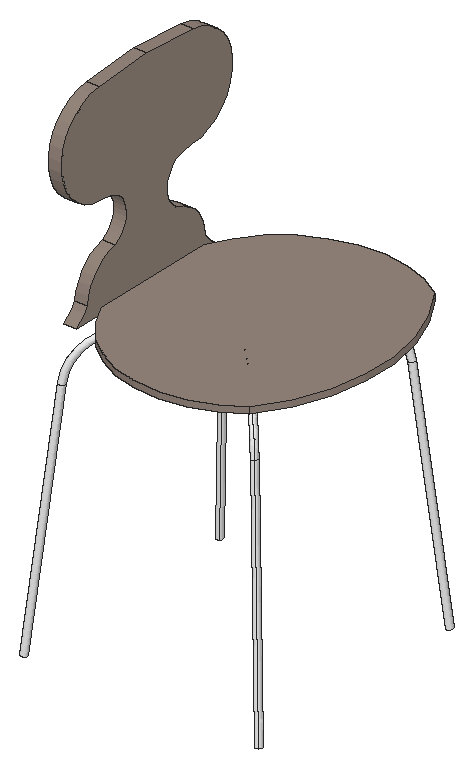
Revit family "Chair 3", category Furniture, Revit 2025
Family settings
  Work Plane-Based = No
  Enable Cutting in Views = No
  Always vertical = Yes
  Cut with Voids When Loaded = No
  Render Appearance Source = Family Geometry
  Shared = No
  Room Calculation Point = No
Parameters
  Keynote = "12600"
  Manufacturer = ""
  Default Elevation = 0 mm
  Bracket Material = Herman Miller - Finish 47 Trivalent Chrome
  Model = ""
  Cushion/Chair Back Material = Herman Miller - Veneer Z5 Maple
Reference planes
  plane 1 "Center F/B": y = -198.997
  plane 2: z = 0
  plane 3 "Center L/R": x = -1.022
Forms (mm)
  Sweep 1, solid, material "Herman Miller - Finish 47 Trivalent Chrome" <- "Bracket Material"
    path origin (61.052, -65.204, 45) x (0, 0, -1) y (0.707107, -0.707107, 0)
      loop
        line (45, -82.843) -> (-332.364, -36.508)
        arc (-332.364, -36.508) -> (-382.531, -10.114) -> (-402.615, 42.895) r 80
        line (-402.615, 42.895) -> (-402.615, 181.322)
    profile origin (18.855, -23.007, 188.682) x (-0.701836, 0.701836, 0.121869) y (-0.707107, -0.707107, 0)
      loop
        circle (0, 0) r 5
  Sweep 2, solid, material "Herman Miller - Finish 47 Trivalent Chrome" <- "Bracket Material"
    path origin (57.516, -325.168, 45) x (0, 0, -1) y (0.707107, 0.707107, 0)
      loop
        line (45, -82.843) -> (-332.364, -36.508)
        arc (-332.364, -36.508) -> (-382.531, -10.114) -> (-402.615, 42.895) r 80
        line (-402.615, 42.895) -> (-402.615, 181.322)
    profile origin (15.319, -367.364, 188.682) x (-0.701836, -0.701836, 0.121869) y (0.707107, -0.707107, 0)
      loop
        circle (0, 0) r 5
  Sweep 3, solid, material "Herman Miller - Finish 47 Trivalent Chrome" <- "Bracket Material"
    path origin (303.338, -65.204, 45) x (0, 0, -1) y (0.707107, 0.707107, 0)
      loop
        line (45, 82.843) -> (-332.364, 36.508)
        arc (-332.364, 36.508) -> (-382.531, 10.114) -> (-402.615, -42.895) r 80
        line (-402.615, -42.895) -> (-402.615, -181.322)
    profile origin (345.535, -23.007, 188.682) x (0.701836, 0.701836, 0.121869) y (-0.707107, 0.707107, 0)
      loop
        circle (0, 0) r 5
  Sweep 4, solid, material "Herman Miller - Finish 47 Trivalent Chrome" <- "Bracket Material"
    path origin (306.873, -325.168, 45) x (0, 0, -1) y (0.707107, -0.707107, 0)
      loop
        line (45, 82.843) -> (-332.364, 36.508)
        arc (-332.364, 36.508) -> (-382.531, 10.114) -> (-402.615, -42.895) r 80
        line (-402.615, -42.895) -> (-402.615, -181.322)
    profile origin (349.07, -367.364, 188.682) x (0.701836, -0.701836, 0.121869) y (0.707107, 0.707107, 0)
      loop
        circle (0, 0) r 5
  Extrusion 5, solid, material "Herman Miller - Veneer Z5 Maple" <- "Cushion/Chair Back Material"
    sketch origin (0, 0, 0) x (1, 0, 0) y (0, 1, 0)
      loop
        arc (340, -9.099) -> (152.776, 17.913) -> (32.728, -128.274) r 192.616
        line (32.728, -128.274) -> (32.728, -249.923)
        arc (32.728, -249.923) -> (152.776, -396.11) -> (340, -369.099) r 192.616
        arc (340, -369.099) -> (400.673, -189.099) -> (340, -9.099) r 297.34
    from 450 to 460
  Extrusion 6, solid, material "Herman Miller - Veneer Z5 Maple" <- "Cushion/Chair Back Material"
    sketch origin (390, -409.099, -27.081) x (0, 0, -1) y (0, 1, 0)
      loop
        arc (-498.809, 95.839) -> (-486.21, 86.065) -> (-477.081, 72.99) r 53.087
        line (-477.081, 72.99) -> (-477.081, 347.212)
        arc (-477.081, 347.212) -> (-486.21, 334.138) -> (-498.809, 324.364) r 53.087
        arc (-498.809, 324.364) -> (-539.073, 308.301) -> (-561.143, 270.989) r 67.175
        arc (-561.143, 270.989) -> (-601.737, 249.17) -> (-634.197, 281.887) r 38.521
        line (-634.197, 281.887) -> (-636.604, 298.938)
        arc (-636.604, 298.938) -> (-714.694, 376.726) -> (-796.127, 302.444) r 79.872
        line (-796.127, 302.444) -> (-802.584, 210.101) -> (-796.127, 117.759)
        arc (-796.127, 117.759) -> (-714.694, 43.477) -> (-636.604, 121.265) r 79.872
        line (-636.604, 121.265) -> (-634.197, 138.316)
        arc (-634.197, 138.316) -> (-601.737, 171.033) -> (-561.143, 149.213) r 38.521
        arc (-561.143, 149.213) -> (-539.073, 111.901) -> (-498.809, 95.839) r 67.175
    from -367.272 to -347.272
Dimensions and locks
  aligned and locked: plane 1 "Center F/B" to Extrusion 6
